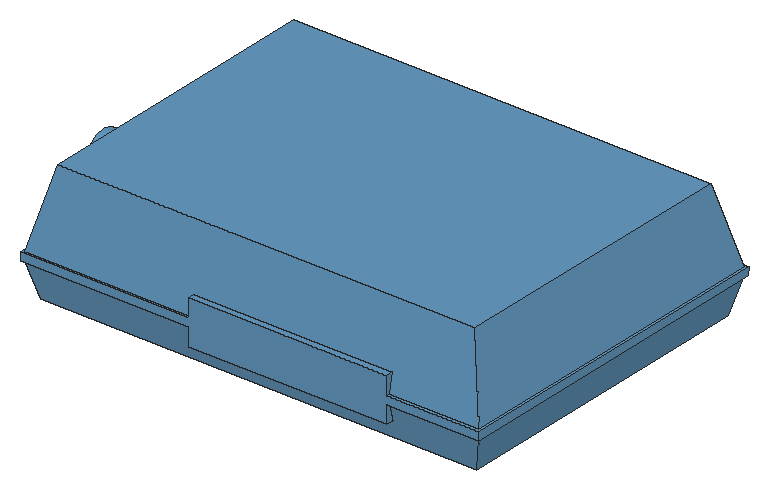
Revit family "Electrical_Equipment-Room_Controller-HCS-NXRC_Series", category Data Devices, host Face, Revit 2014
Parameters (values of type "NXRC Series")
  Weight = 0.113 kg  # constant formula
  Plenum rated = "Complies with requirements fore use in a plenum area; Plenum rated for external junction box mounting"  # constant formula
  Electrical Rating Input = "120/277/347VAC, 20A Max, 50/60 Hz; Single feed connection regardless of one or two relays"  # constant formula
  Warranty = "Five-year limited"  # constant formula
  Voltage = 120 V
  URL = "https://www.hubbell.com/hubbellcontrolsolutions/en/"
  Type Comments = "Data Devices"  # constant formula
  Product Page URL = "https://www.hubbell.com/hubbellcontrolsolutions/en/Products/Lighting-Controls/Lighting-Controls-Sensors/NX-Distributed-Intelligence-Lighting-Controls/NX-Room-Controller/p/220943"
  Product Documentation Link = "https://hubbellcdn.com/specsheet/3451A_NX_Room_Controller.pdf"
  Power Factor = 1
  Operating Temperature = "32°F to 104°F [0°C to 40°C]"  # constant formula
  Relative humidity = "0 to 95%"  # constant formula
  Model = "NXRC Series"  # constant formula
  Manufacturer = "Hubbell Control Solutions"  # constant formula
  Load Classification = Other
  Keynote = ""
  Dimming = "0-10VDC, 60mA per channel; For use with low voltage, two-wire dimming ballast and LED drivers"  # constant formula
  Construction = "GSM UL Rated 94 HB Plastic"  # constant formula
  Device Material = Hubbell - Blue
  Description = "Room Controller"  # constant formula
  Default Elevation = 48.00"
  Create Date = "04/19/2018"  # constant formula
  Copyright = "Copyright © Hubbell Control Solutions"  # constant formula
  Contact Us = "https://www.hubbell.com/hubbellcontrolsolutions/en/contactUs?productId=220945"
  Connector Description 2 = "Communication"  # constant formula
  Connector Description 1 = "Power Supply"  # constant formula
  Certifications = "Title 24, c UL us"  # constant formula
  Assembly Code = "D5030"
  Apparent Load = 0.000 VA
  Mounting = "Mounts directly to an external junction box through an extended 1/2” chase nipple"  # constant formula
Reference planes (in)
  plane 1 "Center (Front/Back)": y = 0
  plane 2 "Bottom": z = 0
  plane 3 "Center (Left/Right)": x = 0
  plane 4: z = 1.37
  plane 5: y = 1.925
  plane 6: y = -1.925
  plane 7: x = -2.625
  plane 8: x = 2.625
  plane 9: y = 0.25
  plane 10: y = -0.25
  plane 11: x = -3.215
  plane 12: z = 0.7
  plane 13: z = 0.45
  plane 14: z = 0.2
  plane 15: x = 1.56779
  plane 16: x = -0.69783
Forms (in)
  Extrusion 1, solid, material "Hubbell - Blue" <- "Device Material"
    sketch origin (0, 0, 0.09375) x (0, -1, 0) y (1, 0, 0)
      loop
        line (-1.925, -2.625) -> (1.925, -2.625) -> (1.925, 2.625) -> (-1.925, 2.625) -> (-1.925, -2.625)
    from -0.09375 to 1.27625
  Sweep 2, void
    path origin (0, 0, 0.09375) x (0, -1, 0) y (1, 0, 0)
      loop
        line (-1.925, -2.625) -> (1.925, -2.625) -> (1.925, 2.625) -> (-1.925, 2.625) -> (-1.925, -2.625)
    profile origin (-2.625, 0, 0.09375) x (-1, 0, 0) y (0, 0, 1)
      loop
        line (-0.031, 0.40198) -> (0, 0.40198) -> (0, 1.27625) -> (-0.23754, 1.27625) -> (-0.031, 0.40198)
      loop
        line (-0.031, 0.31052) -> (-0.13254, -0.09375) -> (0, -0.09375) -> (0, 0.31052) -> (-0.031, 0.31052)
  Extrusion 3, solid, material "Hubbell - Blue" <- "Device Material"
    sketch origin (0, 0, 0) x (1, 0, 0) y (0, 0, 1)
      loop
        line (-0.69783, 0.7) -> (-0.69783, 0.2) -> (1.56779, 0.2) -> (1.56779, 0.7) -> (-0.69783, 0.7)
    from 1.68746 to 1.925
  Extrusion 4, solid, material "Hubbell - Blue" <- "Device Material"
    sketch origin (0, 0, 0) x (0, 1, 0) y (0, 0, 1)
      loop
        circle (0, 0.45) r 0.25
    from -3.215 to -2.38746
Cuts and joins
  Sweep 2 cuts Extrusion 1
  joined: Extrusion 1, Extrusion 3, Extrusion 4
Lines and regions (in)
  model lines
    curve 1: line (1.02868, -1.925, 0.58895) -> (1.02868, -1.925, 0.2601)
    curve 2: line (1.02868, -1.925, 0.2601) -> (1.52217, -1.925, 0.2601)
    curve 3: line (1.52217, -1.925, 0.2601) -> (1.52217, -1.925, 0.58895)
    curve 4: line (1.52217, -1.925, 0.58895) -> (1.44865, -1.925, 0.58895)
    curve 5: line (1.44865, -1.925, 0.62853) -> (1.42533, -1.925, 0.62853)
    curve 6: line (1.42533, -1.925, 0.62853) -> (1.42533, -1.925, 0.65059)
    curve 7: line (1.42533, -1.925, 0.65059) -> (1.12553, -1.925, 0.65059)
    curve 8: line (1.02868, -1.925, 0.58895) -> (1.10221, -1.925, 0.58895)
    curve 9: line (1.10221, -1.925, 0.58895) -> (1.10221, -1.925, 0.62853)
    curve 10: line (1.10221, -1.925, 0.62853) -> (1.12553, -1.925, 0.62853)
    curve 11: line (1.12553, -1.925, 0.62853) -> (1.12553, -1.925, 0.65059)
    curve 12: line (1.44865, -1.925, 0.58895) -> (1.44865, -1.925, 0.62853)
    curve 13: line (0.95912, -1.925, 0.58895) -> (0.95912, -1.925, 0.2601)
    curve 14: line (0.95912, -1.925, 0.2601) -> (0.46563, -1.925, 0.2601)
    curve 15: line (0.46563, -1.925, 0.2601) -> (0.46563, -1.925, 0.58895)
    curve 16: line (0.46563, -1.925, 0.58895) -> (0.53916, -1.925, 0.58895)
    curve 17: line (0.53916, -1.925, 0.62853) -> (0.56248, -1.925, 0.62853)
    curve 18: line (0.56248, -1.925, 0.62853) -> (0.56248, -1.925, 0.65059)
    curve 19: line (0.56248, -1.925, 0.65059) -> (0.86227, -1.925, 0.65059)
    curve 20: line (0.95912, -1.925, 0.58895) -> (0.88559, -1.925, 0.58895)
    curve 21: line (0.88559, -1.925, 0.58895) -> (0.88559, -1.925, 0.62853)
    curve 22: line (0.88559, -1.925, 0.62853) -> (0.86227, -1.925, 0.62853)
    curve 23: line (0.86227, -1.925, 0.62853) -> (0.86227, -1.925, 0.65059)
    curve 24: line (0.53916, -1.925, 0.58895) -> (0.53916, -1.925, 0.62853)
    curve 25: line (0.39607, -1.925, 0.58895) -> (0.39607, -1.925, 0.2601)
    curve 26: line (0.39607, -1.925, 0.2601) -> (-0.09742, -1.925, 0.2601)
    curve 27: line (-0.09742, -1.925, 0.2601) -> (-0.09742, -1.925, 0.58895)
    curve 28: line (-0.09742, -1.925, 0.58895) -> (-0.0239, -1.925, 0.58895)
    curve 29: line (-0.0239, -1.925, 0.62853) -> (-0.00058, -1.925, 0.62853)
    curve 30: line (-0.00058, -1.925, 0.62853) -> (-0.00058, -1.925, 0.65059)
    curve 31: line (-0.00058, -1.925, 0.65059) -> (0.29922, -1.925, 0.65059)
    curve 32: line (0.39607, -1.925, 0.58895) -> (0.32254, -1.925, 0.58895)
    curve 33: line (0.32254, -1.925, 0.58895) -> (0.32254, -1.925, 0.62853)
    curve 34: line (0.32254, -1.925, 0.62853) -> (0.29922, -1.925, 0.62853)
    curve 35: line (0.29922, -1.925, 0.62853) -> (0.29922, -1.925, 0.65059)
    curve 36: line (-0.0239, -1.925, 0.58895) -> (-0.0239, -1.925, 0.62853)
    curve 37: line (-0.66048, -1.925, 0.58895) -> (-0.66048, -1.925, 0.2601)
    curve 38: line (-0.66048, -1.925, 0.2601) -> (-0.16699, -1.925, 0.2601)
    curve 39: line (-0.16699, -1.925, 0.2601) -> (-0.16699, -1.925, 0.58895)
    curve 40: line (-0.16699, -1.925, 0.58895) -> (-0.24051, -1.925, 0.58895)
    curve 41: line (-0.24051, -1.925, 0.62853) -> (-0.26383, -1.925, 0.62853)
    curve 42: line (-0.26383, -1.925, 0.62853) -> (-0.26383, -1.925, 0.65059)
    curve 43: line (-0.26383, -1.925, 0.65059) -> (-0.56363, -1.925, 0.65059)
    curve 44: line (-0.66048, -1.925, 0.58895) -> (-0.58695, -1.925, 0.58895)
    curve 45: line (-0.58695, -1.925, 0.58895) -> (-0.58695, -1.925, 0.62853)
    curve 46: line (-0.58695, -1.925, 0.62853) -> (-0.56363, -1.925, 0.62853)
    curve 47: line (-0.56363, -1.925, 0.62853) -> (-0.56363, -1.925, 0.65059)
    curve 48: line (-0.24051, -1.925, 0.58895) -> (-0.24051, -1.925, 0.62853)
    curve 49: line (2.1875, 1.68746, 1.37) -> (2.1875, -1.68746, 1.37)
    curve 50: line (2.14989, 1.68746, 1.37) -> (2.14989, -1.68746, 1.37)
    curve 51: line (2.02451, 1.68746, 1.37) -> (2.02451, -1.68746, 1.37)
    curve 52: line (1.9869, 1.68746, 1.37) -> (1.9869, -1.68746, 1.37)
    curve 53: line (1.86152, 1.68746, 1.37) -> (1.86152, -1.68746, 1.37)
    curve 54: line (1.82391, 1.68746, 1.37) -> (1.82391, -1.68746, 1.37)
    curve 55: line (1.69853, 1.68746, 1.37) -> (1.69853, -1.68746, 1.37)
    curve 56: line (1.66092, 1.68746, 1.37) -> (1.66092, -1.68746, 1.37)
    curve 57: line (2.1875, 1.79246, 0) -> (2.1875, -1.79246, 0)
    curve 58: line (2.14989, 1.79246, 0) -> (2.14989, -1.79246, 0)
    curve 59: line (2.02451, 1.79246, 0) -> (2.02451, -1.79246, 0)
    curve 60: line (1.9869, 1.79246, 0) -> (1.9869, -1.79246, 0)
    curve 61: line (1.86152, 1.79246, 0) -> (1.86152, -1.79246, 0)
    curve 62: line (1.82391, 1.79246, 0) -> (1.82391, -1.79246, 0)
    curve 63: line (1.69853, 1.79246, 0) -> (1.69853, -1.79246, 0)
    curve 64: line (1.66092, 1.79246, 0) -> (1.66092, -1.79246, 0)
    curve 65: line (2.1875, -1.68746, 1.37) -> (2.1875, -1.894, 0.49573)
    curve 66: line (2.14989, -1.68746, 1.37) -> (2.14989, -1.894, 0.49573)
    curve 67: line (2.02451, -1.68746, 1.37) -> (2.02451, -1.894, 0.49573)
    curve 68: line (1.9869, -1.68746, 1.37) -> (1.9869, -1.894, 0.49573)
    curve 69: line (1.86152, -1.68746, 1.37) -> (1.86152, -1.894, 0.49573)
    curve 70: line (1.82391, -1.68746, 1.37) -> (1.82391, -1.894, 0.49573)
    curve 71: line (1.69853, -1.68746, 1.37) -> (1.69853, -1.894, 0.49573)
    curve 72: line (1.66092, -1.68746, 1.37) -> (1.66092, -1.894, 0.49573)
    curve 73: line (2.1875, -1.79246, 0) -> (2.1875, -1.894, 0.40427)
    curve 74: line (2.14989, -1.79246, 0) -> (2.14989, -1.894, 0.40427)
    curve 75: line (2.02451, -1.79246, 0) -> (2.02451, -1.894, 0.40427)
    curve 76: line (1.9869, -1.79246, 0) -> (1.9869, -1.894, 0.40427)
    curve 77: line (1.86152, -1.79246, 0) -> (1.86152, -1.894, 0.40427)
    curve 78: line (1.82391, -1.79246, 0) -> (1.82391, -1.894, 0.40427)
    curve 79: line (1.69853, -1.79246, 0) -> (1.69853, -1.894, 0.40427)
    curve 80: line (1.66092, -1.79246, 0) -> (1.66092, -1.894, 0.40427)
    curve 81: line (2.1875, 1.68746, 1.37) -> (2.1875, 1.894, 0.49573)
    curve 82: line (2.14989, 1.68746, 1.37) -> (2.14989, 1.894, 0.49573)
    curve 83: line (2.02451, 1.68746, 1.37) -> (2.02451, 1.894, 0.49573)
    curve 84: line (1.9869, 1.68746, 1.37) -> (1.9869, 1.894, 0.49573)
    curve 85: line (1.86152, 1.68746, 1.37) -> (1.86152, 1.894, 0.49573)
    curve 86: line (1.82391, 1.68746, 1.37) -> (1.82391, 1.894, 0.49573)
    curve 87: line (1.69853, 1.68746, 1.37) -> (1.69853, 1.894, 0.49573)
    curve 88: line (1.66092, 1.68746, 1.37) -> (1.66092, 1.894, 0.49573)
    curve 89: line (2.1875, 1.79246, 0) -> (2.1875, 1.894, 0.40427)
    curve 90: line (2.14989, 1.79246, 0) -> (2.14989, 1.894, 0.40427)
    curve 91: line (2.02451, 1.79246, 0) -> (2.02451, 1.894, 0.40427)
    curve 92: line (1.9869, 1.79246, 0) -> (1.9869, 1.894, 0.40427)
    curve 93: line (1.86152, 1.79246, 0) -> (1.86152, 1.894, 0.40427)
    curve 94: line (1.82391, 1.79246, 0) -> (1.82391, 1.894, 0.40427)
    curve 95: line (1.69853, 1.79246, 0) -> (1.69853, 1.894, 0.40427)
    curve 96: line (1.66092, 1.79246, 0) -> (1.66092, 1.894, 0.40427)
Dimensions and locks (in)
  equal spacing: plane 7, plane 3 "Center (Left/Right)", plane 8, locked at 2.625 each
  equal spacing: plane 10, plane 1 "Center (Front/Back)", plane 9
  equal spacing: plane 5, plane 1 "Center (Front/Back)", plane 6
  plane 4 to plane 2 "Bottom" = 1.37"
  locked: plane 7 to plane 8 at 5.25
  locked: plane 6 to plane 5 at 3.85
  locked: plane 9 to plane 10 at 0.5
  locked: plane 11 to plane 8 at 5.84
  equal spacing: plane 12, plane 13, plane 14, locked at 0.25 each
  locked: plane 4 to plane 2 "Bottom" at 1.37
  aligned and locked: plane 2 "Bottom" to host face
  aligned and locked: level to host face
  aligned and locked: Extrusion 1 sketch curve to plane 7
  aligned and locked: Extrusion 1 sketch curve to plane 6
  aligned and locked: Extrusion 1 sketch curve to plane 8
  aligned and locked: Extrusion 1 sketch curve to plane 5
  aligned and locked: Extrusion 1 to plane 2 "Bottom"
  aligned and locked: plane 4 to Extrusion 1
  aligned and locked: Sweep 2 sketch curve to Extrusion 1  (x4)
  aligned and locked: Extrusion 3 sketch curve to plane 12
  aligned and locked: plane 14 to Extrusion 3 sketch curve
  aligned and locked: plane 15 to Extrusion 3 sketch curve
  aligned and locked: plane 6 to Extrusion 3
  aligned and locked: plane 16 to Extrusion 3 sketch curve
  aligned and locked: plane 1 "Center (Front/Back)" to Extrusion 4 sketch curve
  aligned and locked: plane 13 to Extrusion 4 sketch curve
  aligned and locked: plane 11 to Extrusion 4
  aligned and locked: Sweep 2 to Extrusion 4
  aligned and locked: Sweep 2 to Extrusion 3
Automatic sketch dimensions
  host sketch curve to host sketch curve = 96.00"  (x2)
  Sweep 2 sketch curve to profile plane = 0.00"  (x2)
  Sweep 2 sketch curve to Sweep 2 sketch curve = 0.031"  (x2)
  Sweep 2 sketch curve to Sweep 2 sketch curve = 0.13254"
  Sweep 2 sketch curve to Sweep 2 sketch curve = 0.23754"
  Sweep 2 sketch curve to profile plane = 0.09375"
  profile plane to Sweep 2 sketch curve = 0.31052"
  Sweep 2 sketch curve to Sweep 2 sketch curve = 0.09145"
  Sweep 2 sketch curve to Sweep 2 sketch curve = 0.87427"
  curve 4 to Extrusion 1 = 1.10283"
  curve 3 to curve 12 = 0.07353"
  curve 5 to curve 7 = 0.02332"
  curve 6 to curve 7 = 0.2998"
  curve 10 to curve 9 = 0.02332"
  curve 8 to curve 8 = 0.07353"
  curve 1 to curve 13 = 0.06956"
  curve 13 to curve 20 = 0.07353"
  curve 21 to curve 23 = 0.02332"
  curve 19 to curve 18 = 0.2998"
  curve 17 to curve 16 = 0.02332"
  curve 16 to curve 15 = 0.07353"
  curve 15 to curve 25 = 0.06956"
  curve 25 to curve 34 = 0.07353"
  curve 33 to curve 35 = 0.02332"
  curve 34 to curve 30 = 0.2998"
  curve 29 to curve 28 = 0.02332"
  curve 28 to curve 28 = 0.07353"
  curve 27 to curve 39 = 0.06956"
  curve 39 to curve 48 = 0.07353"
  curve 41 to curve 41 = 0.02332"
  curve 42 to curve 47 = 0.2998"
  curve 46 to curve 44 = 0.02332"
  curve 44 to curve 44 = 0.07353"
  Extrusion 1 to curve 43 = 0.65059"
  Extrusion 1 to curve 19 = 0.65059"
  curve 35 to curve 18 = 0.00"
  curve 6 to curve 19 = 0.00"
  curve 31 to curve 34 = 0.02206"
  curve 7 to curve 9 = 0.02206"
  curve 6 to curve 6 = 0.02206"
  curve 43 to curve 46 = 0.02206"
  curve 30 to curve 30 = 0.02206"
  curve 18 to curve 17 = 0.02206"
  curve 42 to curve 42 = 0.02206"
  curve 19 to curve 21 = 0.02206"
  curve 33 to curve 25 = 0.03958"
  curve 45 to curve 44 = 0.03958"
  curve 17 to curve 24 = 0.03958"
  curve 21 to curve 21 = 0.03958"
  curve 29 to curve 27 = 0.03958"
  curve 5 to curve 12 = 0.03958"
  curve 9 to curve 9 = 0.03958"
  curve 41 to curve 48 = 0.03958"
  Extrusion 1 to curve 38 = 0.2601"
  curve 27 to curve 38 = 0.00"
  curve 15 to curve 25 = 0.00"
  Extrusion 1 to curve 3 = 0.2601"
  curve 49 to Extrusion 1 = 0.23754"
  curve 56 to Extrusion 1 = 0.23754"
  curve 56 to Extrusion 1 = 0.96408"
  curve 50 to curve 49 = 0.00"  (x2)
  curve 56 to curve 55 = 0.00"  (x2)
  curve 51 to curve 50 = 0.00"  (x2)
  curve 55 to curve 54 = 0.00"  (x2)
  curve 52 to curve 51 = 0.00"  (x2)
  curve 54 to curve 53 = 0.00"  (x2)
  curve 53 to Extrusion 1 = 0.23754"
  curve 53 to curve 51 = 0.00"
  curve 56 to curve 55 = 0.03761"
  curve 55 to curve 54 = 0.12538"
  curve 54 to curve 53 = 0.03761"
  curve 53 to curve 52 = 0.12538"
  curve 52 to curve 51 = 0.03761"
  curve 51 to curve 50 = 0.12538"
  curve 50 to curve 49 = 0.03761"
  Extrusion 1 to curve 57 = 0.13254"
  Extrusion 1 to curve 64 = 0.13254"
  Extrusion 1 to curve 64 = 0.96408"
  curve 58 to curve 57 = 0.00"  (x2)
  curve 64 to curve 63 = 0.00"  (x2)
  curve 59 to curve 58 = 0.00"  (x2)
  curve 63 to curve 62 = 0.00"  (x2)
  curve 60 to curve 59 = 0.00"  (x2)
  curve 62 to curve 61 = 0.00"  (x2)
  Extrusion 1 to curve 61 = 0.13254"
  Extrusion 1 to curve 59 = 0.13254"
  curve 64 to curve 63 = 0.03761"
  curve 63 to curve 62 = 0.12538"
  curve 62 to curve 61 = 0.03761"
  curve 61 to curve 60 = 0.12538"
  curve 60 to curve 59 = 0.03761"
  curve 59 to curve 58 = 0.12538"
  curve 58 to curve 57 = 0.03761"
  curve 65 to plane 8 = 0.4375"
  curve 72 to curve 65 = 0.00"
  curve 66 to curve 65 = 0.00"  (x2)
  curve 72 to curve 71 = 0.00"  (x2)
  curve 67 to curve 66 = 0.00"  (x2)
  curve 71 to curve 70 = 0.00"  (x2)
  curve 68 to curve 67 = 0.00"  (x2)
  curve 70 to curve 69 = 0.00"  (x2)
  curve 69 to curve 69 = 0.89834"
  curve 69 to curve 67 = 0.00"
  curve 65 to curve 66 = 0.03761"
  curve 66 to curve 67 = 0.12538"
  curve 67 to curve 68 = 0.03761"
  curve 68 to curve 69 = 0.12538"
  curve 69 to curve 70 = 0.03761"
  curve 70 to curve 71 = 0.12538"
  curve 71 to curve 72 = 0.03761"
  curve 73 to plane 8 = 0.4375"
  curve 80 to curve 73 = 0.00"
  curve 74 to curve 73 = 0.00"  (x2)
  curve 80 to curve 79 = 0.00"  (x2)
  curve 75 to curve 74 = 0.00"  (x2)
  curve 79 to curve 78 = 0.00"  (x2)
  curve 76 to curve 75 = 0.00"  (x2)
  curve 78 to curve 77 = 0.00"  (x2)
  curve 77 to curve 77 = 0.41683"
  curve 77 to curve 75 = 0.00"
  curve 74 to curve 73 = 0.03761"
  curve 75 to curve 74 = 0.12538"
  curve 76 to curve 75 = 0.03761"
  curve 77 to curve 76 = 0.12538"
  curve 78 to curve 77 = 0.03761"
  curve 79 to curve 78 = 0.12538"
  curve 80 to curve 79 = 0.03761"
  curve 81 to plane 8 = 0.4375"
  curve 88 to curve 81 = 0.00"
  curve 82 to curve 81 = 0.00"  (x2)
  curve 88 to curve 87 = 0.00"  (x2)
  curve 83 to curve 82 = 0.00"  (x2)
  curve 87 to curve 86 = 0.00"  (x2)
  curve 84 to curve 83 = 0.00"  (x2)
  curve 86 to curve 85 = 0.00"  (x2)
  curve 85 to curve 85 = 0.89834"
  curve 85 to curve 83 = 0.00"
  curve 82 to curve 81 = 0.03761"
  curve 83 to curve 82 = 0.12538"
  curve 84 to curve 83 = 0.03761"
  curve 85 to curve 84 = 0.12538"
  curve 86 to curve 85 = 0.03761"
  curve 87 to curve 86 = 0.12538"
  curve 88 to curve 87 = 0.03761"
  curve 89 to plane 8 = 0.4375"
  curve 96 to curve 89 = 0.00"
  curve 90 to curve 89 = 0.00"  (x2)
  curve 96 to curve 95 = 0.00"  (x2)
  curve 91 to curve 90 = 0.00"  (x2)
  curve 95 to curve 94 = 0.00"  (x2)
  curve 92 to curve 91 = 0.00"  (x2)
  curve 94 to curve 93 = 0.00"  (x2)
  curve 93 to curve 93 = 0.41683"
  curve 93 to curve 91 = 0.00"
  curve 89 to curve 90 = 0.03761"
  curve 90 to curve 91 = 0.12538"
  curve 91 to curve 92 = 0.03761"
  curve 92 to curve 93 = 0.12538"
  curve 93 to curve 94 = 0.03761"
  curve 94 to curve 95 = 0.12538"
  curve 95 to curve 96 = 0.03761"
  radius of Extrusion 4 sketch curve = 0.25"
Connectors (in)
  electrical at (0, 0, 0), driven by "Load Classification", driven by "Apparent Load", driven by "Power Factor", driven by "Connector Description 1", driven by "Voltage"
    settings: on cut or joined group of Extrusion 1, Sweep 2, Extrusion 3, Extrusion 4, index 1, voltage 120 V, apparent load 0.000 VA, apparent load phase1 0.000 VA, apparent load phase2 0.000 VA, apparent load phase3 0.000 VA, power factor 1, load classification "Other", number of poles 1, system type 30, power factor state 1, is connector primary yes, connector utility no, sub classification motor no, connector description "Power Supply"
  electrical at (0, 0, 0), driven by "Connector Description 2"
    settings: on cut or joined group of Extrusion 1, Sweep 2, Extrusion 3, Extrusion 4, index 2, voltage 0 V, apparent load 0.000 VA, apparent load phase1 0.000 VA, apparent load phase2 0.000 VA, apparent load phase3 0.000 VA, power factor 1, load classification "Other", number of poles 1, system type 14, power factor state 1, is connector primary no, connector utility no, sub classification motor no, connector description "Communication"
  cabletrayconduit at (-3.215, 0, 0.45), diameter 0.5
    settings: on cut or joined group of Extrusion 1, Sweep 2, Extrusion 3, Extrusion 4, index 3, connector width 12.00", connector height 12.00", connector angle 0.00°, system type 32, placement type 0, profile type 0, connector reference index -1, is primary connector yes, connector utility param no, connector description "Conduit Connector"
